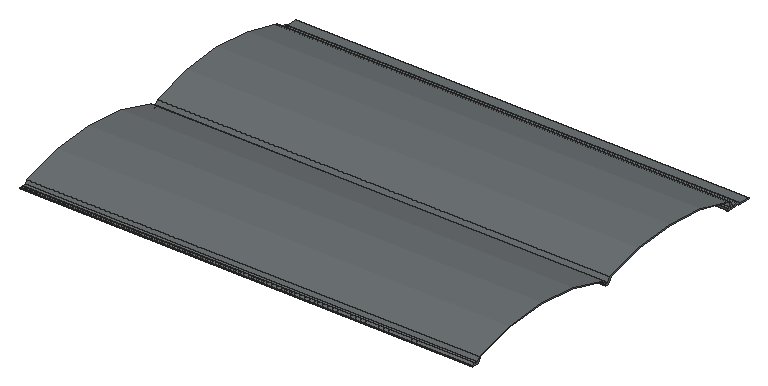
Revit family "BIMLIB_СайдингМеталлическийБлокХаус_GRANDLINE", category Обобщенные модели, Revit 2017
Family settings
  Может служить основой для арматурных стержней = Нет
  Размер круглого соединителя = Использовать диаметр
  Тип детали = Нормальный
  При загрузке вырезать с полостями = Нет
  Общий = Нет
  Точка расчета площади = Нет
Parameters (values of type "Блок-хаус")
  Смещение от плоскости [instance] = 0 mm
  Описание = ADSK_Наименование  # "Металлический сайдинг Блок-хаус"
  Изготовитель = "Grand Line"  # constant formula
  built-in parameter 1001306 [instance] = 500 mm
  Watermark [instance] = "Модели защищены уникальным кодом"
  URL = "https://www.grandline.ru"
  BL_Разработано = "support@bimlib.pro"
  BL_Email = "info@grandline.ru"
  BL_BIM library = "https://bimlib.pro/manufacturer/company/22430"
  ADSK_Размер_Ширина = 360 mm
  ADSK_Размер_Длина [instance] = [built-in parameter 1001306]  # 500 mm
  ADSK_Обозначение = "ГОСТ 19904-90, ГОСТ 14918-80"
  ADSK_Наименование = "Металлический сайдинг Блок-хаус"
  ADSK_Материал тип подсчета = 2  # constant formula
  ADSK_Материал = GL_Drap_RAL7016
  ADSK_Масса_Текст [instance] = ""
  ADSK_Масса [instance] = 0
  ADSK_Марка = ""
  ADSK_Количество [instance] = if(ADSK_Материал тип подсчета = 0, 1, if(ADSK_Материал тип подсчета = 1, ADSK_Размер_Длина / 1000 mm, if(ADSK_Материал тип подсчета = 2, ADSK_Размер_Длина * ADSK_Размер_Ширина / 1.00 m², 0)))  # 0.18
  ADSK_Код изделия = "M12.044"  # constant formula
  ADSK_Завод-изготовитель = "Grand Line"  # constant formula
  ADSK_Единица измерения = "м2"  # constant formula
  ADSK_Группирование = "Сайдинг"  # constant formula
  ADSK_Версия Revit = "2017"  # constant formula
  ADSK_URL страницы изделия = "https://www.grandline.ru/shop/fasad/metallicheskij-sajding/metallosajding-blok-haus-gl/"
  ADSK_URL документации изделия = "https://www.grandline.ru/shop/fasad/metallicheskij-sajding/metallosajding-blok-haus-gl/tehnicheskaya-dokumentaciya/#techdoc"
Reference planes
  plane 1 "По центру (Вперед/Назад)": y = 0
  plane 2: z = 0
  plane 3 "Слева": x = 0
  plane 4 "Справа": x = 500
  plane 5: y = 355
Forms (mm)
  Sweep 1, solid, material "GL_Drap_RAL7016" <- "ADSK_Материал"
    path in 3D
      loop
        line (0, 0, 0) -> (500, 0, 0)
    profile "Профиль_СайдингМеталлическийБлокХаус : Профиль" origin (250, 0, 0) x (0, 1, 0) y (0, 0, 1)
      loop
        line (177.931, 1.897) -> (175.5, 6.3)
        arc (175.5, 6.3) -> (89.783, 22) -> (4.063, 6.311) r 241.932
        line (4.063, 6.311) -> (2.032, 2.643)
        arc (2.032, 2.643) -> (-0.033, 1.6) -> (-2.069, 2.697) r 2.5
        line (-2.069, 2.697) -> (-5.058, 1.6) -> (-4.782, 0.849) -> (-2.32, 1.753)
        arc (-2.32, 1.753) -> (0.304, 0.814) -> (2.711, 2.218) r 3.3
        line (2.711, 2.218) -> (4.621, 5.667)
        arc (4.621, 5.667) -> (89.782, 21.2) -> (174.942, 5.656) r 241.132
        line (174.942, 5.656) -> (177.247, 1.481)
        arc (177.247, 1.481) -> (179.962, 0) -> (182.711, 1.418) r 3.3
        line (182.711, 1.418) -> (185.078, 5.692)
        arc (185.078, 5.692) -> (266.789, 21.177) -> (348.902, 7.98) r 241.132
        arc (348.902, 7.98) -> (349.996, 5.934) -> (349.448, 3.679) r 3.253
        line (349.448, 3.679) -> (348.138, 1.776)
        arc (348.138, 1.776) -> (347.931, 0.638) -> (348.896, 0) r 1.05
        line (348.896, 0) -> (357.951, 0)
        arc (357.951, 0) -> (360, 2.049) -> (362.049, 0) r 2.049
        line (362.049, 0) -> (375.5, 0) -> (375.5, 0.8) -> (362.734, 0.8)
        arc (362.734, 0.8) -> (360, 2.849) -> (357.266, 0.8) r 2.849
        line (357.266, 0.8) -> (349.915, 0.8)
        arc (349.915, 0.8) -> (349.225, 1.22) -> (349.281, 2.026) r 0.777
        line (349.281, 2.026) -> (350.107, 3.225)
        arc (350.107, 3.225) -> (350.779, 6.116) -> (349.301, 8.689) r 4.053
        arc (349.301, 8.689) -> (266.704, 21.975) -> (184.52, 6.336) r 241.932
        line (184.52, 6.336) -> (182.032, 1.843)
        arc (182.032, 1.843) -> (179.967, 0.8) -> (177.931, 1.897) r 2.5
Lines and regions (mm)
  reference lines
    curve 1: line (0, 0, 0) -> (500, 0, 0)
  sketch lines
    curve 2: line (0, 0, 0) -> (500, 0, 0)
Dimensions and locks
  "built-in parameter 1001306": plane 3 "Слева" to plane 4 "Справа"
  aligned and locked: plane 4 "Справа" to curve 1
  aligned and locked: plane 1 "По центру (Вперед/Назад)" to curve 1
  aligned and locked: plane 3 "Слева" to curve 1
  aligned and locked: level to plane 2
